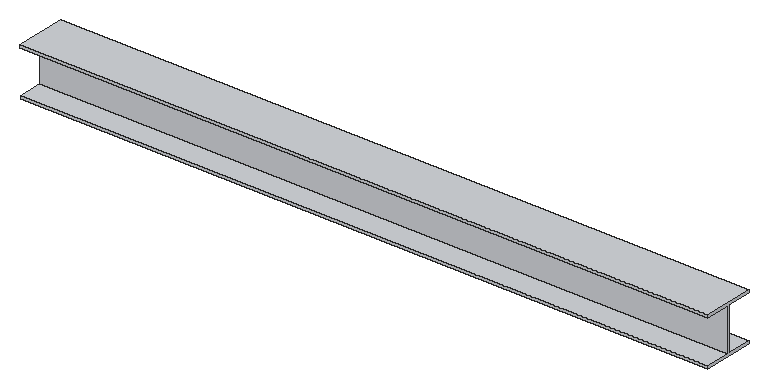
Revit family "Trave Acciaio HEA orizzontale", category Generic Models, Revit 2012
Parameters
  Trave acciao HEA Lunghezza = 0.21 m
  Trave acciaio lunghezza estrusione orizzontale = 3.00 m
  Trave acciaio HEA Spessore lingue = 0.011 m
  Trave acciaio HEA Spessore anima diviso due = 0.0035 m
Reference planes (m)
  plane 1 "Center (Front/Back)": y = 0
  plane 2: z = 0
  plane 3 "Center (Left/Right)": x = 0
  plane 4: z = 0.21
  plane 5: y = -0.22
  plane 6: y = -0.11
  plane 7: z = 0.105
  plane 8: z = 0.199
  plane 9: z = 0.011
  plane 10: y = -0.1065
  plane 11: y = -0.1135
  plane 12: x = 3
Forms (m)
  Extrusion 1, solid
    sketch origin (0, 0, 0) x (0, 1, 0) y (0, 0, 1)
      loop
        line (0, 0.204528) -> (0, 0.21) -> (-0.22, 0.21) -> (-0.22, 0.199) -> (-0.1135, 0.199) -> (-0.1135, 0.011) -> (-0.22, 0.011) -> (-0.22, 0) -> (0, 0) -> (0, 0.011) -> (-0.1065, 0.011) -> (-0.1065, 0.199) -> (0, 0.199) -> (0, 0.204528)
    from 0 to 3
Dimensions and locks (m)
  equal spacing: plane 1 "Center (Front/Back)", plane 6, plane 5
  equal spacing: plane 2, plane 7, plane 4
  "Trave acciaio HEA Spessore lingue": plane 9 to plane 2
  "Trave acciaio HEA Spessore lingue": plane 8 to plane 4
  "Trave acciaio HEA Spessore anima diviso due": plane 10 to plane 6
  "Trave acciaio HEA Spessore anima diviso due": plane 11 to plane 6
  "Trave acciao HEA Lunghezza": level to Extrusion 1
  "Trave acciao HEA Lunghezza": plane 4 to plane 2
  "Trave acciaio lunghezza estrusione orizzontale": plane 12 to plane 3 "Center (Left/Right)"
  aligned and locked: level to plane 2
  aligned and locked: plane 11 to Extrusion 1
  aligned and locked: Extrusion 1 to plane 10
  aligned and locked: plane 9 to Extrusion 1
  aligned and locked: Extrusion 1 to level
  aligned and locked: plane 12 to Extrusion 1
Automatic sketch dimensions
  Extrusion 1 sketch curve to plane 5 = 0.00 m  (x2)
  Extrusion 1 sketch curve to plane 8 = 0.00 m  (x2)
  Extrusion 1 sketch curve to plane 11 = 0.00 m
  Extrusion 1 sketch curve to plane 10 = 0.00 m
  Extrusion 1 sketch curve to level = 0.00 m
  Extrusion 1 sketch curve to plane 1 "Center (Front/Back)" = 0.00 m  (x2)
  Extrusion 1 sketch curve to plane 9 = 0.00 m  (x2)
  Extrusion 1 sketch curve to plane 4 = 0.005472 m
  Extrusion 1 sketch curve to Extrusion 1 sketch curve = 0.005472 m
